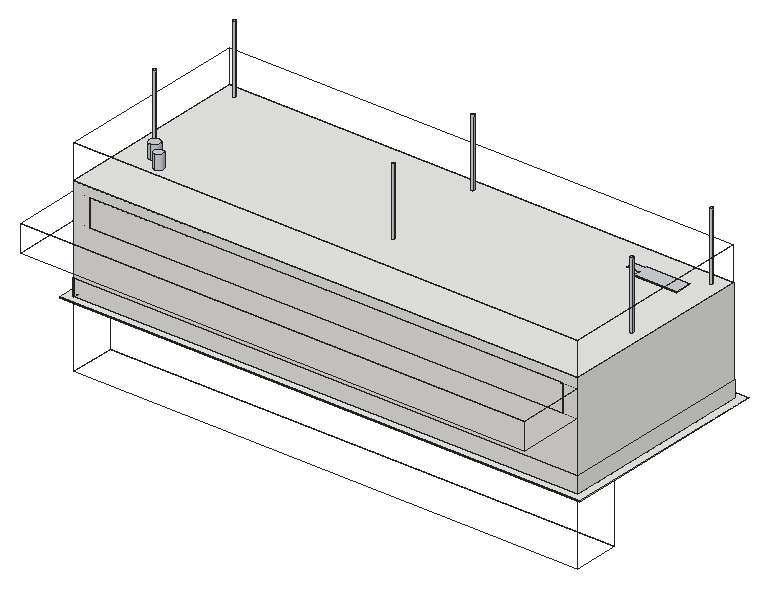
Revit family "AIRTECNICS_AIR CURTAIN_RECESSED DAM_DX-VRF_(TOSHIBA)", category Equipos mecánicos, Revit 2016 (continued)
Types (24, lengths in mm): name | Weight | Product Size | Product Reference | Product Heating | Product Description | Power Fans | Noise Level (dB(A)) | Mainfolds | M | Length | Heating Capacity | Gas Coil Volume | G | External Ut. Reference | Expansion Valve | Dn_Metric_Refrig_Liquid | Dn_Metric_Refrig_Gas | DX VRF | DX Kit | DX Coil Rows = 4 | DX Coil Rows = 3 | DX Coil Rows | DX 1:1 | Current Fans | L | CT | CR | CM | CH | CDX | Apparent Load | Airflow
  RDAM ECG 2000 VRF20-TO | 105.00 kg | "2000" | "RDAM ECG 2000 VRF20-TO" | "Direct Expansion VRF system" | "Compact and low profile recessed air curtain with full grille view and energy savings heat pump: Up to 70% reduction in costs and CO2 emissions (heating mode).\r\nSelf-supporting casing construction made of galvanized steel plate, ready to be installed recessed in a false ceiling. \r\nInlet grille (free of maintenance) made with aluminium profiles and blow-out nozzle, integrated in a single white frame colour RAL 9016. Other colours are available on request. \r\nDouble-inlet centrifugal fans driven by an external rotor motor and low noise level. 5-speed selector. EC models assembled with very low consumption efficiency fans. \r\nIncludes only heating direct expansion coil with installed temperature sensors. Under request it can be modified to work in cooling and heating mode (not recomended) with optional condensate water pump.\r\nPlug&Play control panel CS-5DX-NE slave DX with 5 speeds selector and 7m telephone cable included.\r\nReady to connect to TOSHIBA VRF outdoor heat pump unit (R410A), not included, the customer should purchase it.\r\nRequires MM-DXC010 TOSHIBA VRF Interface KIT adapted for air curtain, RBC-AMT32-E programmable control and MM-DXV280 expansion valve, please consult.\r\nAir Volume: 4380 m3/h \r\nFans:  0,426 kW  3,72 A 230Vx1 50/60Hz\r\nHeating capacity: 20,21 kW\r\nDimensions: 627x310x2048 mm (depth, height, length)\r\nNOT SUPPLIED BY AIRTÈCNICS:\r\nMM-DXC010 Interface VRF kit and RBC-AMT32-E programmable control.\r\nExpansion valve MM-DXV280.\r\nExternal unit VRF." | 0.426 kW | 63 | "1\"1/8 & 1/2" | no | 2048.0 | 20.21 kW | 3.10 L | yes | "Not available" | "MM-DXV280" | 15 | 30 | yes | "MM-DXC010" | no | yes | 3 | no | 3.72 A | 2000.0 | 8 | 4 | 12 | 4 | 0 | 852 VA | 4380 m³/h
  RDAM ECG 2000 DX24-TO | 105.00 kg | "2000" | "RDAM ECG 2000 DX24-TO" | "Direct Expansion 1:1 system" | "Compact and low profile recessed air curtain with full grille view and energy savings heat pump: Up to 70% reduction in costs and CO2 emissions (heating mode).\r\nSelf-supporting casing construction made of galvanized steel plate, ready to be installed recessed in a false ceiling. \r\nInlet grille (free of maintenance) made with aluminium profiles and blow-out nozzle, integrated in a single white frame colour RAL 9016. Other colours are available on request. \r\nDouble-inlet centrifugal fans driven by an external rotor motor and low noise level. 5-speed selector. EC models assembled with very low consumption efficiency fans. \r\nIncludes only heating direct expansion coil with installed temperature sensors. Under request it can be modified to work in cooling and heating mode (not recomended) with optional condensate water pump.\r\nPlug&Play control panel CS-5DX-NE slave DX with 5 speeds selector and 7m telephone cable included.\r\nReady to connect to TOSHIBA Inverter outdoor heat pump unit (R410A) with expansion valve, not included, the customer should purchase it.\r\nRequires TOSHIBA DX Interface KIT adapted for air curtain RAV-DXC010 and RBC-AMT32-E programmable control, please consult.\r\nAir Volume: 4380 m3/h \r\nFans:  0,426 kW  3,72 A 230Vx1 50/60Hz\r\nHeating capacity: 23,63 kW\r\nDimensions: 627x310x2048 mm (depth, height, length)\r\nNOT SUPPLIED BY AIRTÈCNICS:\r\nRAV-DXC010 Interface DX kit and RBC-AMT32-E programmable control.\r\nExternal unit:\r\n RAV-SM2804AT8-EExternal unit with direct expansion valve Toshiba, triple phase motor 400Vx3 50Hz.\r\nHeating capacity 27kW. Heating power: 8,15kW. COP 3,31.\r\nCooling capacity 23kW. Cooling power 8,75kW. EER 2,63.\r\nCooling circuits 1\"1/8 - 1/2\".\r\nMinimum length 7,5m.\r\nMaximum length 70m.\r\nMaximum slope 30m." | 0.426 kW | 63 | "1\"1/8 & 1/2" | no | 2048.0 | 23.63 kW | 4.10 L | yes | "RAV-SP2804AT8-E" | "Included on External Unit" | 15 | 30 | no | "RAV-DXC010" | yes | no | 4 | yes | 3.72 A | 2000.0 | 8 | 2 | 12 | 2 | 1 | 852 VA | 4380 m³/h
  RDAM ECG 2000 DX22-TO | 105.00 kg | "2000" | "RDAM ECG 2000 DX22-TO" | "Direct Expansion 1:1 system" | "Compact and low profile recessed air curtain with full grille view and energy savings heat pump: Up to 70% reduction in costs and CO2 emissions (heating mode).\r\nSelf-supporting casing construction made of galvanized steel plate, ready to be installed recessed in a false ceiling. \r\nInlet grille (free of maintenance) made with aluminium profiles and blow-out nozzle, integrated in a single white frame colour RAL 9016. Other colours are available on request. \r\nDouble-inlet centrifugal fans driven by an external rotor motor and low noise level. 5-speed selector. EC models assembled with very low consumption efficiency fans. \r\nIncludes only heating direct expansion coil with installed temperature sensors. Under request it can be modified to work in cooling and heating mode (not recomended) with optional condensate water pump.\r\nPlug&Play control panel CS-5DX-NE slave DX with 5 speeds selector and 7m telephone cable included.\r\nReady to connect to TOSHIBA Inverter outdoor heat pump unit (R410A) with expansion valve, not included, the customer should purchase it.\r\nRequires TOSHIBA DX Interface KIT adapted for air curtain RAV-DXC010 and RBC-AMT32-E programmable control, please consult.\r\nAir Volume: 4380 m3/h \r\nFans:  0,426 kW  3,72 A 230Vx1 50/60Hz\r\nHeating capacity: 22,40 kW\r\nDimensions: 627x310x2048 mm (depth, height, length)\r\nNOT SUPPLIED BY AIRTÈCNICS:\r\nRAV-DXC010 Interface DX kit and RBC-AMT32-E programmable control.\r\nExternal unit:\r\n RAV-SM2244AT8-EExternal unit with direct expansion valve Toshiba, triple phase motor 400Vx3 50Hz.\r\nHeating capacity 22,4kW. Heating power: 6,49kW. COP 3,45.\r\nCooling capacity 20kW. Cooling power 7,2kW. EER 2,78.\r\nCooling circuits 1\"1/8 - 1/2\".\r\nMinimum length 7,5m.\r\nMaximum length 70m.\r\nMaximum slope 30m." | 0.426 kW | 63 | "1\"1/8 & 1/2" | no | 2048.0 | 22.4 kW | 4.10 L | yes | "RAV-SP2244AT8-E" | "Included on External Unit" | 15 | 30 | no | "RAV-DXC010" | yes | no | 4 | yes | 3.72 A | 2000.0 | 8 | 2 | 12 | 2 | 0 | 852 VA | 4380 m³/h
  RDAM ECG 1500 VRF15-TO | 80.00 kg | "1500" | "RDAM ECG 1500 VRF15-TO" | "Direct Expansion VRF system" | "Compact and low profile recessed air curtain with full grille view and energy savings heat pump: Up to 70% reduction in costs and CO2 emissions (heating mode).\r\nSelf-supporting casing construction made of galvanized steel plate, ready to be installed recessed in a false ceiling. \r\nInlet grille (free of maintenance) made with aluminium profiles and blow-out nozzle, integrated in a single white frame colour RAL 9016. Other colours are available on request. \r\nDouble-inlet centrifugal fans driven by an external rotor motor and low noise level. 5-speed selector. EC models assembled with very low consumption efficiency fans. \r\nIncludes only heating direct expansion coil with installed temperature sensors. Under request it can be modified to work in cooling and heating mode (not recomended) with optional condensate water pump.\r\nPlug&Play control panel CS-5DX-NE slave DX with 5 speeds selector and 7m telephone cable included.\r\nReady to connect to TOSHIBA VRF outdoor heat pump unit (R410A), not included, the customer should purchase it.\r\nRequires MM-DXC010 TOSHIBA VRF Interface KIT adapted for air curtain, RBC-AMT32-E programmable control and MM-DXV140 expansion valve, please consult.\r\nAir Volume: 2920 m3/h \r\nFans:  0,284 kW  2,48 A 230Vx1 50/60Hz\r\nHeating capacity: 15,32 kW\r\nDimensions: 627x310x1548 mm (depth, height, length)\r\nNOT SUPPLIED BY AIRTÈCNICS:\r\nMM-DXC010 Interface VRF kit and RBC-AMT32-E programmable control.\r\nExpansion valve MM-DXV140.\r\nExternal unit VRF." | 0.284 kW | 62 | "5/8 & 3/8" | no | 1548.0 | 15.32 kW | 3.00 L | yes | "Not available" | "MM-DXV140" | 10 | 16 | yes | "MM-DXC010" | yes | no | 4 | no | 2.48 A | 1500.0 | 4 | 2 | 12 | 4 | 0 | 568 VA | 2920 m³/h
  RDAM ECG 1500 VRF13-TO | 80.00 kg | "1500" | "RDAM ECG 1500 VRF13-TO" | "Direct Expansion VRF system" | "Compact and low profile recessed air curtain with full grille view and energy savings heat pump: Up to 70% reduction in costs and CO2 emissions (heating mode).\r\nSelf-supporting casing construction made of galvanized steel plate, ready to be installed recessed in a false ceiling. \r\nInlet grille (free of maintenance) made with aluminium profiles and blow-out nozzle, integrated in a single white frame colour RAL 9016. Other colours are available on request. \r\nDouble-inlet centrifugal fans driven by an external rotor motor and low noise level. 5-speed selector. EC models assembled with very low consumption efficiency fans. \r\nIncludes only heating direct expansion coil with installed temperature sensors. Under request it can be modified to work in cooling and heating mode (not recomended) with optional condensate water pump.\r\nPlug&Play control panel CS-5DX-NE slave DX with 5 speeds selector and 7m telephone cable included.\r\nReady to connect to TOSHIBA VRF outdoor heat pump unit (R410A), not included, the customer should purchase it.\r\nRequires MM-DXC010 TOSHIBA VRF Interface KIT adapted for air curtain, RBC-AMT32-E programmable control and MM-DXV140 expansion valve, please consult.\r\nAir Volume: 2920 m3/h \r\nFans:  0,284 kW  2,48 A 230Vx1 50/60Hz\r\nHeating capacity: 13,11 kW\r\nDimensions: 627x310x1548 mm (depth, height, length)\r\nNOT SUPPLIED BY AIRTÈCNICS:\r\nMM-DXC010 Interface VRF kit and RBC-AMT32-E programmable control.\r\nExpansion valve MM-DXV140.\r\nExternal unit VRF." | 0.284 kW | 62 | "5/8 & 3/8" | no | 1548.0 | 13.11 kW | 2.20 L | yes | "Not available" | "MM-DXV140" | 10 | 16 | yes | "MM-DXC010" | no | yes | 3 | no | 2.48 A | 1500.0 | 4 | 4 | 12 | 4 | 0 | 568 VA | 2920 m³/h
  RDAM ECG 1500 DX15-TO | 80.00 kg | "1500" | "RDAM ECG 1500 DX15-TO" | "Direct Expansion 1:1 system" | "Compact and low profile recessed air curtain with full grille view and energy savings heat pump: Up to 70% reduction in costs and CO2 emissions (heating mode).\r\nSelf-supporting casing construction made of galvanized steel plate, ready to be installed recessed in a false ceiling. \r\nInlet grille (free of maintenance) made with aluminium profiles and blow-out nozzle, integrated in a single white frame colour RAL 9016. Other colours are available on request. \r\nDouble-inlet centrifugal fans driven by an external rotor motor and low noise level. 5-speed selector. EC models assembled with very low consumption efficiency fans. \r\nIncludes only heating direct expansion coil with installed temperature sensors. Under request it can be modified to work in cooling and heating mode (not recomended) with optional condensate water pump.\r\nPlug&Play control panel CS-5DX-NE slave DX with 5 speeds selector and 7m telephone cable included.\r\nReady to connect to TOSHIBA Inverter outdoor heat pump unit (R410A) with expansion valve, not included, the customer should purchase it.\r\nRequires TOSHIBA DX Interface KIT adapted for air curtain RAV-DXC010 and RBC-AMT32-E programmable control, please consult.\r\nAir Volume: 2920 m3/h \r\nFans:  0,284 kW  2,48 A 230Vx1 50/60Hz\r\nHeating capacity: 15,32 kW\r\nDimensions: 627x310x1548 mm (depth, height, length)\r\nNOT SUPPLIED BY AIRTÈCNICS:\r\nRAV-DXC010 Interface DX kit and RBC-AMT32-E programmable control.\r\nExternal unit:\r\nOption 1: RAV-SM1603AT-E\r\nExternal unit with direct expansion valve Toshiba, single phase motor 230Vx1 50Hz.\r\nHeating capacity 16kW. Heating power: 4,43kW. COP 3,61.\r\nCooling capacity 14kW. Cooling power 4,49kW. EER 3,12.\r\nCooling circuits 5/8\" - 3/8\".\r\nMinimum length 5m.\r\nMaximum length 50m.\r\nMaximum slope 30m.\r\nOption 2: RAV-SP1604AT8-E\r\nExternal unit with direct expansion valve Toshiba, triple phase motor 400Vx3 50Hz.\r\nHeating capacity 16kW. Heating power: 4,3kW. COP 3,72.\r\nCooling capacity 14kW. Cooling power 4,49kW. EER 3,12.\r\nCooling circuits 5/8\" - 3/8\".\r\nMinimum length 3m.\r\nMaximum length 75m.\r\nMaximum slope 30m." | 0.284 kW | 62 | "5/8 & 3/8" | no | 1548.0 | 15.32 kW | 3.00 L | yes | "RAV-SP1604AT8-E" | "Included on External Unit" | 10 | 16 | no | "RAV-DXC010" | yes | no | 4 | yes | 2.48 A | 1500.0 | 4 | 2 | 12 | 2 | 0 | 568 VA | 2920 m³/h
  RDAM ECG 1500 DX13-TO | 80.00 kg | "1500" | "RDAM ECG 1500 DX13-TO" | "Direct Expansion 1:1 system" | "Compact and low profile recessed air curtain with full grille view and energy savings heat pump: Up to 70% reduction in costs and CO2 emissions (heating mode).\r\nSelf-supporting casing construction made of galvanized steel plate, ready to be installed recessed in a false ceiling. \r\nInlet grille (free of maintenance) made with aluminium profiles and blow-out nozzle, integrated in a single white frame colour RAL 9016. Other colours are available on request. \r\nDouble-inlet centrifugal fans driven by an external rotor motor and low noise level. 5-speed selector. EC models assembled with very low consumption efficiency fans. \r\nIncludes only heating direct expansion coil with installed temperature sensors. Under request it can be modified to work in cooling and heating mode (not recomended) with optional condensate water pump.\r\nPlug&Play control panel CS-5DX-NE slave DX with 5 speeds selector and 7m telephone cable included.\r\nReady to connect to TOSHIBA Inverter outdoor heat pump unit (R410A) with expansion valve, not included, the customer should purchase it.\r\nRequires TOSHIBA DX Interface KIT adapted for air curtain RAV-DXC010 and RBC-AMT32-E programmable control, please consult.\r\nAir Volume: 2920 m3/h \r\nFans:  0,284 kW  2,48 A 230Vx1 50/60Hz\r\nHeating capacity: 13,11 kW\r\nDimensions: 627x310x1548 mm (depth, height, length)\r\nNOT SUPPLIED BY AIRTÈCNICS:\r\nRAV-DXC010 Interface DX kit and RBC-AMT32-E programmable control.\r\nExternal unit:\r\nOption 1: RAV-SM1404ATP-E\r\nExternal unit with direct expansion valve Toshiba, single phase motor 230Vx1 50Hz.\r\nHeating capacity 14kW. Heating power: 3,8kW. COP 3,68.\r\nCooling capacity 12kW. Cooling power 3,74kW. EER 3,21.\r\nCooling circuits 5/8\" - 3/8\".\r\nMinimum length 5m.\r\nMaximum length 50m.\r\nMaximum slope 30m.\r\nOption 2: RAV-SP1404AT8-E\r\nExternal unit with direct expansion valve Toshiba, triple phase motor 400Vx3 50Hz.\r\nHeating capacity 14kW. Heating power: 3,8kW. COP 3,68.\r\nCooling capacity 12kW. Cooling power 3,74kW. EER 3,21.\r\nCooling circuits 5/8\" - 3/8\".\r\nMinimum length 3m.\r\nMaximum length 75m.\r\nMaximum slope 30m." | 0.284 kW | 62 | "5/8 & 3/8" | no | 1548.0 | 13.11 kW | 2.20 L | yes | "RAV-SP1404AT8-E" | "Included on External Unit" | 10 | 16 | no | "RAV-DXC010" | no | yes | 3 | yes | 2.48 A | 1500.0 | 4 | 4 | 12 | 2 | 0 | 568 VA | 2920 m³/h
  RDAM ECG 1000 VRF10-TO | 55.00 kg | "1000" | "RDAM ECG 1000 VRF10-TO" | "Direct Expansion VRF system" | "Compact and low profile recessed air curtain with full grille view and energy savings heat pump: Up to 70% reduction in costs and CO2 emissions (heating mode).\r\nSelf-supporting casing construction made of galvanized steel plate, ready to be installed recessed in a false ceiling. \r\nInlet grille (free of maintenance) made with aluminium profiles and blow-out nozzle, integrated in a single white frame colour RAL 9016. Other colours are available on request. \r\nDouble-inlet centrifugal fans driven by an external rotor motor and low noise level. 5-speed selector. EC models assembled with very low consumption efficiency fans. \r\nIncludes only heating direct expansion coil with installed temperature sensors. Under request it can be modified to work in cooling and heating mode (not recomended) with optional condensate water pump.\r\nPlug&Play control panel CS-5DX-NE slave DX with 5 speeds selector and 7m telephone cable included.\r\nReady to connect to TOSHIBA VRF outdoor heat pump unit (R410A), not included, the customer should purchase it.\r\nRequires MM-DXC010 TOSHIBA VRF Interface KIT adapted for air curtain, RBC-AMT32-E programmable control and MM-DXV140 expansion valve, please consult.\r\nAir Volume: 2190 m3/h \r\nFans:  0,213 kW  1,86 A 230Vx1 50/60Hz\r\nHeating capacity: 9,70 kW\r\nDimensions: 627x310x1048 mm (depth, height, length)\r\nNOT SUPPLIED BY AIRTÈCNICS:\r\nMM-DXC010 Interface VRF kit and RBC-AMT32-E programmable control.\r\nExpansion valve MM-DXV140.\r\nExternal unit VRF." | 0.213 kW | 61 | "5/8 & 3/8" | no | 1048.0 | 9.7 kW | 1.80 L | yes | "Not available" | "MM-DXV140" | 10 | 16 | yes | "MM-DXC010" | yes | no | 4 | no | 1.86 A | 1000.0 | 2 | 2 | 12 | 4 | 0 | 426 VA | 2190 m³/h
  RDAM ECG 1000 DX10-TO | 55.00 kg | "1000" | "RDAM ECG 1000 DX10-TO" | "Direct Expansion 1:1 system" | "Compact and low profile recessed air curtain with full grille view and energy savings heat pump: Up to 70% reduction in costs and CO2 emissions (heating mode).\r\nSelf-supporting casing construction made of galvanized steel plate, ready to be installed recessed in a false ceiling. \r\nInlet grille (free of maintenance) made with aluminium profiles and blow-out nozzle, integrated in a single white frame colour RAL 9016. Other colours are available on request. \r\nDouble-inlet centrifugal fans driven by an external rotor motor and low noise level. 5-speed selector. EC models assembled with very low consumption efficiency fans. \r\nIncludes only heating direct expansion coil with installed temperature sensors. Under request it can be modified to work in cooling and heating mode (not recomended) with optional condensate water pump.\r\nPlug&Play control panel CS-5DX-NE slave DX with 5 speeds selector and 7m telephone cable included.\r\nReady to connect to TOSHIBA Inverter outdoor heat pump unit (R410A) with expansion valve, not included, the customer should purchase it.\r\nRequires TOSHIBA DX Interface KIT adapted for air curtain RAV-DXC010 and RBC-AMT32-E programmable control, please consult.\r\nAir Volume: 2190 m3/h \r\nFans:  0,213 kW  1,86 A 230Vx1 50/60Hz\r\nHeating capacity: 9,70 kW\r\nDimensions: 627x310x1048 mm (depth, height, length)\r\nNOT SUPPLIED BY AIRTÈCNICS:\r\nRAV-DXC010 Interface DX kit and RBC-AMT32-E programmable control.\r\nExternal unit:\r\nOption 1: RAV-SM1104ATP-E\r\nExternal unit with direct expansion valve Toshiba, single phase motor 230Vx1 50Hz.\r\nHeating capacity 11,2kW. Heating power: 2,93kW. SCOP 3,54.\r\nCooling capacity 10kW. Cooling power 3,11kW. SEER 5,58.\r\nCooling circuits 5/8\" - 3/8\".\r\nMinimum length 5m.\r\nMaximum length 50m.\r\nMaximum slope 30m.\r\nOption 2: RAV-SP1104AT8-E\r\nExternal unit with direct expansion valve Toshiba, triple phase motor 400Vx3 50Hz.\r\nHeating capacity 11,2kW. Heating power: 2,42kW. SCOP 4,28.\r\nCooling capacity 10kW. Cooling power 2,37kW. SEER 6,57.\r\nCooling circuits 5/8\" - 3/8\".\r\nMinimum length 3m.\r\nMaximum length 75m.\r\nMaximum slope 30m." | 0.213 kW | 61 | "5/8 & 3/8" | no | 1048.0 | 9.7 kW | 1.80 L | yes | "RAV-SP1104AT8-E" | "Included on External Unit" | 10 | 16 | no | "RAV-DXC010" | yes | no | 4 | yes | 1.86 A | 1000.0 | 2 | 2 | 12 | 2 | 0 | 426 VA | 2190 m³/h
  RDAM ECM 2500 VRF24-TO | 106.00 kg | "2500" | "RDAM ECM 2500 VRF24-TO" | "Direct Expansion VRF system" | "Compact and low profile recessed air curtain with full grille view and energy savings heat pump: Up to 70% reduction in costs and CO2 emissions (heating mode).\r\nSelf-supporting casing construction made of galvanized steel plate, ready to be installed recessed in a false ceiling. \r\nInlet grille (free of maintenance) made with aluminium profiles and blow-out nozzle, integrated in a single white frame colour RAL 9016. Other colours are available on request. \r\nDouble-inlet centrifugal fans driven by an external rotor motor and low noise level. 5-speed selector. EC models assembled with very low consumption efficiency fans. \r\nIncludes only heating direct expansion coil with installed temperature sensors. Under request it can be modified to work in cooling and heating mode (not recomended) with optional condensate water pump.\r\nPlug&Play control panel CS-5DX-NE slave DX with 5 speeds selector and 7m telephone cable included.\r\nReady to connect to TOSHIBA VRF outdoor heat pump unit (R410A), not included, the customer should purchase it.\r\nRequires MM-DXC010 TOSHIBA VRF Interface KIT adapted for air curtain, RBC-AMT32-E programmable control and MM-DXV280 expansion valve, please consult.\r\nAir Volume: 4100 m3/h \r\nFans:  0,355 kW  3,1 A 230Vx1 50/60Hz\r\nHeating capacity: 24,38 kW\r\nDimensions: 627x310x2548 mm (depth, height, length)\r\nNOT SUPPLIED BY AIRTÈCNICS:\r\nMM-DXC010 Interface VRF kit and RBC-AMT32-E programmable control.\r\nExpansion valve MM-DXV280.\r\nExternal unit VRF." | 0.355 kW | 59 | "1\"1/8 & 1/2" | yes | 2548.0 | 24.38 kW | 5.30 L | no | "Not available" | "MM-DXV280" | 15 | 30 | yes | "MM-DXC010" | yes | no | 4 | no | 3.1 A | 2500.0 | 16 | 2 | 6 | 4 | 0 | 710 VA | 4100 m³/h
  RDAM ECM 2500 VRF21-TO | 106.00 kg | "2500" | "RDAM ECM 2500 VRF21-TO" | "Direct Expansion VRF system" | "Compact and low profile recessed air curtain with full grille view and energy savings heat pump: Up to 70% reduction in costs and CO2 emissions (heating mode).\r\nSelf-supporting casing construction made of galvanized steel plate, ready to be installed recessed in a false ceiling. \r\nInlet grille (free of maintenance) made with aluminium profiles and blow-out nozzle, integrated in a single white frame colour RAL 9016. Other colours are available on request. \r\nDouble-inlet centrifugal fans driven by an external rotor motor and low noise level. 5-speed selector. EC models assembled with very low consumption efficiency fans. \r\nIncludes only heating direct expansion coil with installed temperature sensors. Under request it can be modified to work in cooling and heating mode (not recomended) with optional condensate water pump.\r\nPlug&Play control panel CS-5DX-NE slave DX with 5 speeds selector and 7m telephone cable included.\r\nReady to connect to TOSHIBA VRF outdoor heat pump unit (R410A), not included, the customer should purchase it.\r\nRequires MM-DXC010 TOSHIBA VRF Interface KIT adapted for air curtain, RBC-AMT32-E programmable control and MM-DXV280 expansion valve, please consult.\r\nAir Volume: 4100 m3/h \r\nFans:  0,355 kW  3,1 A 230Vx1 50/60Hz\r\nHeating capacity: 21,20 kW\r\nDimensions: 627x310x2548 mm (depth, height, length)\r\nNOT SUPPLIED BY AIRTÈCNICS:\r\nMM-DXC010 Interface VRF kit and RBC-AMT32-E programmable control.\r\nExpansion valve MM-DXV280.\r\nExternal unit VRF." | 0.355 kW | 59 | "1\"1/8 & 1/2" | yes | 2548.0 | 21.2 kW | 3.90 L | no | "Not available" | "MM-DXV280" | 15 | 30 | yes | "MM-DXC010" | no | yes | 3 | no | 3.1 A | 2500.0 | 16 | 4 | 6 | 4 | 0 | 710 VA | 4100 m³/h
  RDAM ECM 2500 DX24-TO | 106.00 kg | "2500" | "RDAM ECM 2500 DX24-TO" | "Direct Expansion 1:1 system" | "Compact and low profile recessed air curtain with full grille view and energy savings heat pump: Up to 70% reduction in costs and CO2 emissions (heating mode).\r\nSelf-supporting casing construction made of galvanized steel plate, ready to be installed recessed in a false ceiling. \r\nInlet grille (free of maintenance) made with aluminium profiles and blow-out nozzle, integrated in a single white frame colour RAL 9016. Other colours are available on request. \r\nDouble-inlet centrifugal fans driven by an external rotor motor and low noise level. 5-speed selector. EC models assembled with very low consumption efficiency fans. \r\nIncludes only heating direct expansion coil with installed temperature sensors. Under request it can be modified to work in cooling and heating mode (not recomended) with optional condensate water pump.\r\nPlug&Play control panel CS-5DX-NE slave DX with 5 speeds selector and 7m telephone cable included.\r\nReady to connect to TOSHIBA Inverter outdoor heat pump unit (R410A) with expansion valve, not included, the customer should purchase it.\r\nRequires TOSHIBA DX Interface KIT adapted for air curtain RAV-DXC010 and RBC-AMT32-E programmable control, please consult.\r\nAir Volume: 4100 m3/h \r\nFans:  0,355 kW  3,1 A 230Vx1 50/60Hz\r\nHeating capacity: 24,38 kW\r\nDimensions: 627x310x2548 mm (depth, height, length)\r\nNOT SUPPLIED BY AIRTÈCNICS:\r\nRAV-DXC010 Interface DX kit and RBC-AMT32-E programmable control.\r\nExternal unit:\r\n RAV-SM2804AT8-EExternal unit with direct expansion valve Toshiba, triple phase motor 400Vx3 50Hz.\r\nHeating capacity 27kW. Heating power: 8,15kW. COP 3,31.\r\nCooling capacity 23kW. Cooling power 8,75kW. EER 2,63.\r\nCooling circuits 1\"1/8 - 1/2\".\r\nMinimum length 7,5m.\r\nMaximum length 70m.\r\nMaximum slope 30m." | 0.355 kW | 59 | "1\"1/8 & 1/2" | yes | 2548.0 | 24.38 kW | 5.30 L | no | "RAV-SP2804AT8-E" | "Included on External Unit" | 15 | 30 | no | "RAV-DXC010" | yes | no | 4 | yes | 3.1 A | 2500.0 | 16 | 2 | 6 | 2 | 0 | 710 VA | 4100 m³/h
  RDAM ECM 2500 DX21-TO | 106.00 kg | "2500" | "RDAM ECM 2500 DX21-TO" | "Direct Expansion 1:1 system" | "Compact and low profile recessed air curtain with full grille view and energy savings heat pump: Up to 70% reduction in costs and CO2 emissions (heating mode).\r\nSelf-supporting casing construction made of galvanized steel plate, ready to be installed recessed in a false ceiling. \r\nInlet grille (free of maintenance) made with aluminium profiles and blow-out nozzle, integrated in a single white frame colour RAL 9016. Other colours are available on request. \r\nDouble-inlet centrifugal fans driven by an external rotor motor and low noise level. 5-speed selector. EC models assembled with very low consumption efficiency fans. \r\nIncludes only heating direct expansion coil with installed temperature sensors. Under request it can be modified to work in cooling and heating mode (not recomended) with optional condensate water pump.\r\nPlug&Play control panel CS-5DX-NE slave DX with 5 speeds selector and 7m telephone cable included.\r\nReady to connect to TOSHIBA Inverter outdoor heat pump unit (R410A) with expansion valve, not included, the customer should purchase it.\r\nRequires TOSHIBA DX Interface KIT adapted for air curtain RAV-DXC010 and RBC-AMT32-E programmable control, please consult.\r\nAir Volume: 4100 m3/h \r\nFans:  0,355 kW  3,1 A 230Vx1 50/60Hz\r\nHeating capacity: 21,20 kW\r\nDimensions: 627x310x2548 mm (depth, height, length)\r\nNOT SUPPLIED BY AIRTÈCNICS:\r\nRAV-DXC010 Interface DX kit and RBC-AMT32-E programmable control.\r\nExternal unit:\r\n RAV-SM2244AT8-EExternal unit with direct expansion valve Toshiba, triple phase motor 400Vx3 50Hz.\r\nHeating capacity 22,4kW. Heating power: 6,49kW. COP 3,45.\r\nCooling capacity 20kW. Cooling power 7,2kW. EER 2,78.\r\nCooling circuits 1\"1/8 - 1/2\".\r\nMinimum length 7,5m.\r\nMaximum length 70m.\r\nMaximum slope 30m." | 0.355 kW | 59 | "1\"1/8 & 1/2" | yes | 2548.0 | 21.2 kW | 3.90 L | no | "RAV-SP2244AT8-E" | "Included on External Unit" | 15 | 30 | no | "RAV-DXC010" | no | yes | 3 | yes | 3.1 A | 2500.0 | 16 | 4 | 6 | 2 | 0 | 710 VA | 4100 m³/h
  RDAM ECM 2000 VRF19-TO | 95.00 kg | "2000" | "RDAM ECM 2000 VRF19-TO" | "Direct Expansion VRF system" | "Compact and low profile recessed air curtain with full grille view and energy savings heat pump: Up to 70% reduction in costs and CO2 emissions (heating mode).\r\nSelf-supporting casing construction made of galvanized steel plate, ready to be installed recessed in a false ceiling. \r\nInlet grille (free of maintenance) made with aluminium profiles and blow-out nozzle, integrated in a single white frame colour RAL 9016. Other colours are available on request. \r\nDouble-inlet centrifugal fans driven by an external rotor motor and low noise level. 5-speed selector. EC models assembled with very low consumption efficiency fans. \r\nIncludes only heating direct expansion coil with installed temperature sensors. Under request it can be modified to work in cooling and heating mode (not recomended) with optional condensate water pump.\r\nPlug&Play control panel CS-5DX-NE slave DX with 5 speeds selector and 7m telephone cable included.\r\nReady to connect to TOSHIBA VRF outdoor heat pump unit (R410A), not included, the customer should purchase it.\r\nRequires MM-DXC010 TOSHIBA VRF Interface KIT adapted for air curtain, RBC-AMT32-E programmable control and MM-DXV280 expansion valve, please consult.\r\nAir Volume: 3280 m3/h \r\nFans:  0,284 kW  2,48 A 230Vx1 50/60Hz\r\nHeating capacity: 18,96 kW\r\nDimensions: 627x310x2048 mm (depth, height, length)\r\nNOT SUPPLIED BY AIRTÈCNICS:\r\nMM-DXC010 Interface VRF kit and RBC-AMT32-E programmable control.\r\nExpansion valve MM-DXV280.\r\nExternal unit VRF." | 0.284 kW | 58 | "1\"1/8 & 1/2" | yes | 2048.0 | 18.96 kW | 4.10 L | no | "Not available" | "MM-DXV280" | 15 | 30 | yes | "MM-DXC010" | yes | no | 4 | no | 2.48 A | 2000.0 | 8 | 2 | 6 | 4 | 0 | 568 VA | 3280 m³/h
  RDAM ECM 2000 VRF16-TO | 95.00 kg | "2000" | "RDAM ECM 2000 VRF16-TO" | "Direct Expansion VRF system" | "Compact and low profile recessed air curtain with full grille view and energy savings heat pump: Up to 70% reduction in costs and CO2 emissions (heating mode).\r\nSelf-supporting casing construction made of galvanized steel plate, ready to be installed recessed in a false ceiling. \r\nInlet grille (free of maintenance) made with aluminium profiles and blow-out nozzle, integrated in a single white frame colour RAL 9016. Other colours are available on request. \r\nDouble-inlet centrifugal fans driven by an external rotor motor and low noise level. 5-speed selector. EC models assembled with very low consumption efficiency fans. \r\nIncludes only heating direct expansion coil with installed temperature sensors. Under request it can be modified to work in cooling and heating mode (not recomended) with optional condensate water pump.\r\nPlug&Play control panel CS-5DX-NE slave DX with 5 speeds selector and 7m telephone cable included.\r\nReady to connect to TOSHIBA VRF outdoor heat pump unit (R410A), not included, the customer should purchase it.\r\nRequires MM-DXC010 TOSHIBA VRF Interface KIT adapted for air curtain, RBC-AMT32-E programmable control and MM-DXV140 expansion valve, please consult.\r\nAir Volume: 3280 m3/h \r\nFans:  0,284 kW  2,48 A 230Vx1 50/60Hz\r\nHeating capacity: 16,44 kW\r\nDimensions: 627x310x2048 mm (depth, height, length)\r\nNOT SUPPLIED BY AIRTÈCNICS:\r\nMM-DXC010 Interface VRF kit and RBC-AMT32-E programmable control.\r\nExpansion valve MM-DXV140.\r\nExternal unit VRF." | 0.284 kW | 58 | "5/8 & 3/8" | yes | 2048.0 | 16.44 kW | 3.10 L | no | "Not available" | "MM-DXV140" | 10 | 16 | yes | "MM-DXC010" | no | yes | 3 | no | 2.48 A | 2000.0 | 8 | 4 | 6 | 4 | 0 | 568 VA | 3280 m³/h
  RDAM ECM 2000 DX19-TO | 95.00 kg | "2000" | "RDAM ECM 2000 DX19-TO" | "Direct Expansion 1:1 system" | "Compact and low profile recessed air curtain with full grille view and energy savings heat pump: Up to 70% reduction in costs and CO2 emissions (heating mode).\r\nSelf-supporting casing construction made of galvanized steel plate, ready to be installed recessed in a false ceiling. \r\nInlet grille (free of maintenance) made with aluminium profiles and blow-out nozzle, integrated in a single white frame colour RAL 9016. Other colours are available on request. \r\nDouble-inlet centrifugal fans driven by an external rotor motor and low noise level. 5-speed selector. EC models assembled with very low consumption efficiency fans. \r\nIncludes only heating direct expansion coil with installed temperature sensors. Under request it can be modified to work in cooling and heating mode (not recomended) with optional condensate water pump.\r\nPlug&Play control panel CS-5DX-NE slave DX with 5 speeds selector and 7m telephone cable included.\r\nReady to connect to TOSHIBA Inverter outdoor heat pump unit (R410A) with expansion valve, not included, the customer should purchase it.\r\nRequires TOSHIBA DX Interface KIT adapted for air curtain RAV-DXC010 and RBC-AMT32-E programmable control, please consult.\r\nAir Volume: 3280 m3/h \r\nFans:  0,284 kW  2,48 A 230Vx1 50/60Hz\r\nHeating capacity: 18,96 kW\r\nDimensions: 627x310x2048 mm (depth, height, length)\r\nNOT SUPPLIED BY AIRTÈCNICS:\r\nRAV-DXC010 Interface DX kit and RBC-AMT32-E programmable control.\r\nExternal unit:\r\n RAV-SM2244AT8-EExternal unit with direct expansion valve Toshiba, triple phase motor 400Vx3 50Hz.\r\nHeating capacity 22,4kW. Heating power: 6,49kW. COP 3,45.\r\nCooling capacity 20kW. Cooling power 7,2kW. EER 2,78.\r\nCooling circuits 1\"1/8 - 1/2\".\r\nMinimum length 7,5m.\r\nMaximum length 70m.\r\nMaximum slope 30m." | 0.284 kW | 58 | "1\"1/8 & 1/2" | yes | 2048.0 | 18.96 kW | 4.10 L | no | "RAV-SP2244AT8-E" | "Included on External Unit" | 15 | 30 | no | "RAV-DXC010" | yes | no | 4 | yes | 2.48 A | 2000.0 | 8 | 2 | 6 | 2 | 0 | 568 VA | 3280 m³/h
  RDAM ECM 2000 DX16-TO | 95.00 kg | "2000" | "RDAM ECM 2000 DX16-TO" | "Direct Expansion 1:1 system" | "Compact and low profile recessed air curtain with full grille view and energy savings heat pump: Up to 70% reduction in costs and CO2 emissions (heating mode).\r\nSelf-supporting casing construction made of galvanized steel plate, ready to be installed recessed in a false ceiling. \r\nInlet grille (free of maintenance) made with aluminium profiles and blow-out nozzle, integrated in a single white frame colour RAL 9016. Other colours are available on request. \r\nDouble-inlet centrifugal fans driven by an external rotor motor and low noise level. 5-speed selector. EC models assembled with very low consumption efficiency fans. \r\nIncludes only heating direct expansion coil with installed temperature sensors. Under request it can be modified to work in cooling and heating mode (not recomended) with optional condensate water pump.\r\nPlug&Play control panel CS-5DX-NE slave DX with 5 speeds selector and 7m telephone cable included.\r\nReady to connect to TOSHIBA Inverter outdoor heat pump unit (R410A) with expansion valve, not included, the customer should purchase it.\r\nRequires TOSHIBA DX Interface KIT adapted for air curtain RAV-DXC010 and RBC-AMT32-E programmable control, please consult.\r\nAir Volume: 3280 m3/h \r\nFans:  0,284 kW  2,48 A 230Vx1 50/60Hz\r\nHeating capacity: 16,00 kW\r\nDimensions: 627x310x2048 mm (depth, height, length)\r\nNOT SUPPLIED BY AIRTÈCNICS:\r\nRAV-DXC010 Interface DX kit and RBC-AMT32-E programmable control.\r\nExternal unit:\r\nOption 1: RAV-SM1603AT-E\r\nExternal unit with direct expansion valve Toshiba, single phase motor 230Vx1 50Hz.\r\nHeating capacity 16kW. Heating power: 4,43kW. COP 3,61.\r\nCooling capacity 14kW. Cooling power 4,49kW. EER 3,12.\r\nCooling circuits 5/8\" - 3/8\".\r\nMinimum length 5m.\r\nMaximum length 50m.\r\nMaximum slope 30m.\r\nOption 2: RAV-SP1604AT8-E\r\nExternal unit with direct expansion valve Toshiba, triple phase motor 400Vx3 50Hz.\r\nHeating capacity 16kW. Heating power: 4,3kW. COP 3,72.\r\nCooling capacity 14kW. Cooling power 4,49kW. EER 3,12.\r\nCooling circuits 5/8\" - 3/8\".\r\nMinimum length 3m.\r\nMaximum length 75m.\r\nMaximum slope 30m." | 0.284 kW | 58 | "5/8 & 3/8" | yes | 2048.0 | 16 kW | 3.10 L | no | "RAV-SP1604AT8-E" | "Included on External Unit" | 10 | 16 | no | "RAV-DXC010" | no | yes | 3 | yes | 2.48 A | 2000.0 | 8 | 4 | 6 | 2 | 0 | 568 VA | 3280 m³/h
  RDAM ECM 1500 VRF12-TO | 74.00 kg | "1500" | "RDAM ECM 1500 VRF12-TO" | "Direct Expansion VRF system" | "Compact and low profile recessed air curtain with full grille view and energy savings heat pump: Up to 70% reduction in costs and CO2 emissions (heating mode).\r\nSelf-supporting casing construction made of galvanized steel plate, ready to be installed recessed in a false ceiling. \r\nInlet grille (free of maintenance) made with aluminium profiles and blow-out nozzle, integrated in a single white frame colour RAL 9016. Other colours are available on request. \r\nDouble-inlet centrifugal fans driven by an external rotor motor and low noise level. 5-speed selector. EC models assembled with very low consumption efficiency fans. \r\nIncludes only heating direct expansion coil with installed temperature sensors. Under request it can be modified to work in cooling and heating mode (not recomended) with optional condensate water pump.\r\nPlug&Play control panel CS-5DX-NE slave DX with 5 speeds selector and 7m telephone cable included.\r\nReady to connect to TOSHIBA VRF outdoor heat pump unit (R410A), not included, the customer should purchase it.\r\nRequires MM-DXC010 TOSHIBA VRF Interface KIT adapted for air curtain, RBC-AMT32-E programmable control and MM-DXV140 expansion valve, please consult.\r\nAir Volume: 2460 m3/h \r\nFans:  0,213 kW  1,86 A 230Vx1 50/60Hz\r\nHeating capacity: 11,61 kW\r\nDimensions: 627x310x1548 mm (depth, height, length)\r\nNOT SUPPLIED BY AIRTÈCNICS:\r\nMM-DXC010 Interface VRF kit and RBC-AMT32-E programmable control.\r\nExpansion valve MM-DXV140.\r\nExternal unit VRF." | 0.213 kW | 57 | "5/8 & 3/8" | yes | 1548.0 | 11.61 kW | 2.20 L | no | "Not available" | "MM-DXV140" | 10 | 16 | yes | "MM-DXC010" | no | yes | 3 | no | 1.86 A | 1500.0 | 4 | 4 | 6 | 4 | 0 | 426 VA | 2460 m³/h
  RDAM ECM 1500 DX11-TO | 74.00 kg | "1500" | "RDAM ECM 1500 DX11-TO" | "Direct Expansion 1:1 system" | "Compact and low profile recessed air curtain with full grille view and energy savings heat pump: Up to 70% reduction in costs and CO2 emissions (heating mode).\r\nSelf-supporting casing construction made of galvanized steel plate, ready to be installed recessed in a false ceiling. \r\nInlet grille (free of maintenance) made with aluminium profiles and blow-out nozzle, integrated in a single white frame colour RAL 9016. Other colours are available on request. \r\nDouble-inlet centrifugal fans driven by an external rotor motor and low noise level. 5-speed selector. EC models assembled with very low consumption efficiency fans. \r\nIncludes only heating direct expansion coil with installed temperature sensors. Under request it can be modified to work in cooling and heating mode (not recomended) with optional condensate water pump.\r\nPlug&Play control panel CS-5DX-NE slave DX with 5 speeds selector and 7m telephone cable included.\r\nReady to connect to TOSHIBA Inverter outdoor heat pump unit (R410A) with expansion valve, not included, the customer should purchase it.\r\nRequires TOSHIBA DX Interface KIT adapted for air curtain RAV-DXC010 and RBC-AMT32-E programmable control, please consult.\r\nAir Volume: 2460 m3/h \r\nFans:  0,213 kW  1,86 A 230Vx1 50/60Hz\r\nHeating capacity: 11,20 kW\r\nDimensions: 627x310x1548 mm (depth, height, length)\r\nNOT SUPPLIED BY AIRTÈCNICS:\r\nRAV-DXC010 Interface DX kit and RBC-AMT32-E programmable control.\r\nExternal unit:\r\nOption 1: RAV-SM1104ATP-E\r\nExternal unit with direct expansion valve Toshiba, single phase motor 230Vx1 50Hz.\r\nHeating capacity 11,2kW. Heating power: 2,93kW. SCOP 3,54.\r\nCooling capacity 10kW. Cooling power 3,11kW. SEER 5,58.\r\nCooling circuits 5/8\" - 3/8\".\r\nMinimum length 5m.\r\nMaximum length 50m.\r\nMaximum slope 30m.\r\nOption 2: RAV-SP1104AT8-E\r\nExternal unit with direct expansion valve Toshiba, triple phase motor 400Vx3 50Hz.\r\nHeating capacity 11,2kW. Heating power: 2,42kW. SCOP 4,28.\r\nCooling capacity 10kW. Cooling power 2,37kW. SEER 6,57.\r\nCooling circuits 5/8\" - 3/8\".\r\nMinimum length 3m.\r\nMaximum length 75m.\r\nMaximum slope 30m." | 0.213 kW | 57 | "5/8 & 3/8" | yes | 1548.0 | 11.2 kW | 2.20 L | no | "RAV-SP1104AT8-E" | "Included on External Unit" | 10 | 16 | no | "RAV-DXC010" | no | yes | 3 | yes | 1.86 A | 1500.0 | 4 | 4 | 6 | 2 | 0 | 426 VA | 2460 m³/h
